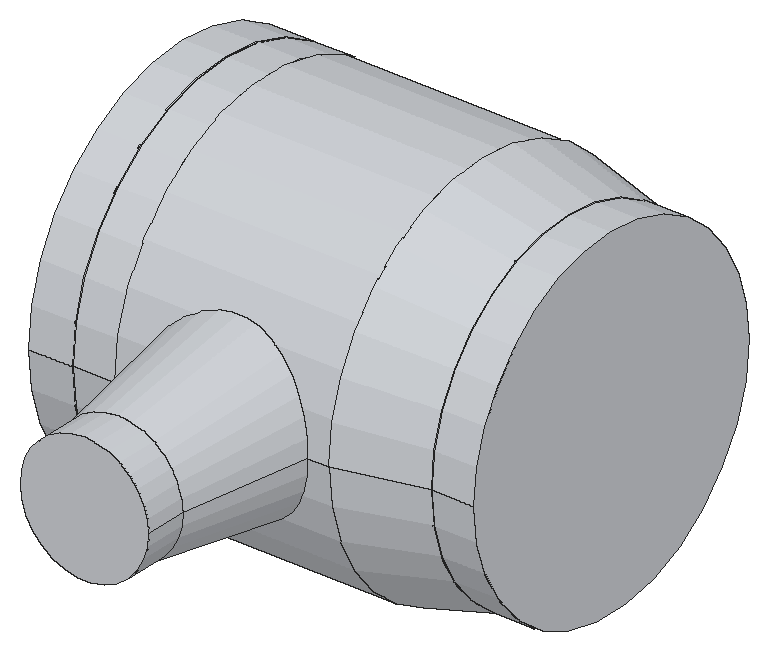
Revit family "4f3aa8f04b85471cb3f9b258b054bf83", category Duct Fittings, Revit 2021
Family settings
  Round Connector Dimension = Use Radius
  Part Type = Tee
  OmniClass Number = 23.75.70.14
  OmniClass Title = Air Ductwork
  Seek Item ID = Round Conical Tee - DTL-0000-USA-ENU
  Work Plane-Based = No
  Always vertical = Yes
  Cut with Voids When Loaded = No
  Shared = No
Parameters (values of type "Standard")
  Tap Inset Label [instance] = 10' 0" + if(Tap Angle 1 < 90.00°, Tap Inset 1, if(Tap Angle 1 = 90.00°, Tap Inset 2, Tap Inset 3))  # 124"
  Tap Inset 3 [instance] = if(Tap Angle 1 > 90.00°, Tap Base Diameter 1 / 2 / sin(180.00° - Tap Angle 1) + Body Radius 1 / tan(180.00° - Tap Angle 1), 0' 0")  # 0"
  Tap Inset 2 [instance] = if(Tap Angle 1 = 90.00°, Tap Base Radius 1, 0' 0")  # 4"
  Length 1 [instance] = if(not(Tap Angle 1 = 90.00°), (tan(Tap Angle 1) * Tap Base Radius 1 + tan(Angle 1) * tan(Tap Angle 1) * Tap Base Radius 1 / tan(Tap Angle 1)) / (tan(Tap Angle 1) - tan(Angle 1)), 0' 0")  # 0"
  Default Elevation = 0' - 0"
  Angle 1 [instance] = if(not(Tap Angle 1 = 90.00°), atan((Tap Base Center Radius - Tap Base Radius 1) / (Body Radius 1 / sin(Tap Angle 1) + Tap Base Radius 1 / tan(Tap Angle 1))), 1.00°)  # 1.00°
  Tap Inset 1 [instance] = if(Tap Angle 1 < 90.00°, (Length 1 * 2 / 2 - (Body Radius 1 / sin(Tap Angle 1) - Length 1 / tan(Tap Angle 1)) / tan(Tap Angle 1)) * sin(Tap Angle 1), 0' 0")  # 0"
  Tap Length 3 [instance] = Body Length 1 + Tap Inset  # 5"
  Tap Inset [instance] = 1"
  Tap Length 2 [instance] = Tap Length 1 + Tap Collar Length  # 17"
  Tap Diameter 3 [instance] = if(Tap Angle 1 > 90.00°, 2 * (((Body Radius 1 * (Tap Base Diameter 1 - Tap Diameter) / sin(180.00° - Tap Angle 1) + (Tap Length + Tap Base Radius 1 / tan(180.00° - Tap Angle 1)) * (Tap Base Diameter 1 - Tap Diameter)) / (2 * (Tap Length + Tap Base Radius 1 / tan(180.00° - Tap Angle 1)) - Tap Base Diameter 1 / tan(180.00° - Tap Angle 1)) + Tap Diameter / 2)), 0' 0")  # 0"
  Tap Diameter 2 [instance] = if(Tap Angle 1 < 90.00°, 2 * (((Body Radius 1 * (Tap Base Diameter 1 - Tap Diameter) / sin(Tap Angle 1) + (Tap Length + Tap Base Radius 1 / tan(Tap Angle 1)) * (Tap Base Diameter 1 - Tap Diameter)) / (2 * (Tap Length + Tap Base Radius 1 / tan(Tap Angle 1)) - Tap Base Diameter 1 / tan(Tap Angle 1)) + Tap Diameter / 2)), 0' 0")  # 0"
  Tap Diameter 1 [instance] = if(Tap Angle 1 = 90.00°, 2 * ((Tap Base Diameter 1 - Tap Diameter) / (2 * Tap Length) * (Body Radius 1 + Tap Length) + Tap Diameter / 2), 0' 0")  # 11"
  Body Radius 1 [instance] = if(Radius In > Radius Out, if(not(Body Radius < Radius In), Body Radius, Radius In), if(not(Body Radius < Radius Out), Body Radius, Radius Out))  # 9"
  Tap Radius [instance] = 3"
  Radius Out [instance] = 8"
  Radius In [instance] = 9"
  Tap Offset From Center 2 [instance] = if(Tap Offset From Center = 0' 0", 0' 0 13/256", 0' 0")  # 13/256"
  Tap Offset From Center 1 [instance] = 10' 0" - Tap Offset From Center  # 120"
  Tap Offset From Center [instance] = 0"
  Body Length 2 [instance] = Collar Out + Length Out 1  # 6"
  Length Out 1 [instance] = if(Length Out = 0' 0", 0' 0 43/256", Length Out)  # 4"
  Body Length 1 [instance] = Collar In + Length In 1  # 4"
  Length In 1 [instance] = if(Length In = 0' 0", 0' 0 1/16", Length In)  # 2"
  Collar Out [instance] = 2"
  Length Out [instance] = 4"
  Collar In [instance] = 2"
  Length In [instance] = 2"
  Tap Length 1 [instance] = Body Radius 1 / sin(Tap Angle 1) + if(Tap Angle 1 < 90.00°, Tap Base Radius 1 / tan(Tap Angle 1), if(Tap Angle 1 = 90.00°, 0' 0", Tap Base Radius 1 / tan(180.00° - Tap Angle 1))) + Tap Length  # 15"
  Tap Length [instance] = 6"
  Length [instance] = 10"
  Tap Diameter [instance] = Tap Radius * 2  # 6"
  Diameter Out [instance] = Radius Out * 2  # 16"
  Diameter In [instance] = Radius In * 2  # 18"
  Tap Collar Length [instance] = 2"
  Tap Base Radius 1 [instance] = if(Tap Base Radius > Tap Radius, Tap Base Radius, Tap Radius + 0' 1")  # 4"
  Body Radius [instance] = 9"
  Body Diameter [instance] = Body Radius * 2  # 18"
  Tap Base Radius [instance] = 4"
  Tap Base Diameter 1 [instance] = Tap Base Radius 1 * 2  # 8"
  Tap Base Diameter [instance] = Tap Base Radius * 2  # 8"
  Tap Base Center Radius [instance] = Tap Base Center Diameter / 2  # 5 1/2"
  Tap Base Center Diameter [instance] = if(Tap Angle 1 < 90.00°, abs(Tap Diameter 2), if(Tap Angle 1 = 90.00°, abs(Tap Diameter 1), abs(Tap Diameter 3)))  # 11"
  Tap Angle 1 [instance] = 90.00°
Reference planes (in)
  plane 1 "Center (Front/Back)": y = 0
  plane 2: z = 0
  plane 3 "Center (Left/Right)": x = 0
  plane 4: x = -5
  plane 5: x = 5
  plane 6: x = -7
  plane 7: x = -9
  plane 8: x = 9
  plane 9: x = 11
  plane 10: z = -120
  plane 11: z = 0
  plane 12: z = -0.05078
  plane 13: x = 0
  plane 14: x = -4
  plane 15: x = -124
  plane 16: x = -6.96094
  plane 17: x = 8.96094
Forms (in)
  Sweep 1, solid, detail levels medium+fine
    path in 3D
      loop
        line (-9, 0, 0) -> (-6.96094, 0, 0)
    profile origin (-7.98047, 0, 0) x (0, 1, 0) y (0, 0, 1)
      loop
        circle (0, 0) r 9
  Sweep 2, solid, detail levels medium+fine
    path in 3D
      loop
        line (-5, 0, 0) -> (5, 0, 0)
    profile origin (0, 0, 0) x (0, 1, 0) y (0, 0, 1)
      loop
        circle (0, 0) r 9
  Sweep 3, solid, detail levels medium+fine
    path in 3D
      loop
        line (8.96094, 0, 0) -> (11, 0, 0)
    profile origin (9.98047, 0, 0) x (0, 1, 0) y (0, 0, 1)
      loop
        circle (0, 0) r 8
  SweptBlend 4, solid, detail levels medium+fine
    path in 3D
      loop
        line (0, 0, 0) -> (0, -15, 0)
    profile origin (0, 0, 0) x (1, 0, 0) y (0, 0, 1)
      loop
        circle (0, 0) r 5.5
    end profile origin (0, -15, 0) x (1, 0, 0) y (0, 0, 1)
      loop
        circle (0, 0) r 3
  Sweep 5, solid, detail levels medium+fine
    path in 3D
      loop
        line (0, 0, 0) -> (0, -17, 0)
    profile origin (0, -8.5, 0) x (1, 0, 0) y (0, 0, 1)
      loop
        circle (0, 0) r 3
  Blend 6, solid, detail levels medium+fine
    base sketch origin (0, 0, 0) x (0, 1, 0) y (0, 0, 1)
      loop
        circle (0, 0) r 9
    top sketch origin (0, 0, 0) x (0, 1, 0) y (0, 0, 1)
      loop
        circle (0, 0) r 9
    from -7 to -5
  Blend 7, solid, detail levels medium+fine
    base sketch origin (0, 0, 0) x (0, 1, 0) y (0, 0, 1)
      loop
        circle (0, 0) r 8
    top sketch origin (0, 0, 0) x (0, 1, 0) y (0, 0, 1)
      loop
        circle (0, 0) r 9
    from 9 to 5
Cuts and joins
  joined: Sweep 2, SweptBlend 4, Sweep 5, Blend 6, Blend 7
Lines and regions (in)
  reference lines
    curve 1: line (-9, 0, 0) -> (-6.96094, 0, 0)
    curve 2: line (8.96094, 0, 0) -> (11, 0, 0)
    curve 3: line (-5, 0, 0) -> (5, 0, 0)
    curve 8: line (0, 0, 0) -> (0, -15, 0)
    curve 10: line (0, 0, 0) -> (0, -17, 0)
  sketch lines
    curve 4: line (-9, 0, 0) -> (-6.96094, 0, 0)
    curve 5: line (-5, 0, 0) -> (5, 0, 0)
    curve 6: line (8.96094, 0, 0) -> (11, 0, 0)
    curve 9: line (0, 0, 0) -> (0, -15, 0)
    curve 11: line (0, 0, 0) -> (0, -17, 0)
  model lines, detail levels coarse
    curve 7: line (0, 0, 0) -> (0, 0, -0.05078)
    curve 12: line (-9, 0, 0) -> (11, 0, 0)
    curve 13: line (0, 0, 0) -> (0, -17, 0)
Dimensions and locks (in)
  "Length": plane 4 to plane 5
  "Length In 1": plane 6 to plane 4
  "Body Length 1": plane 7 to plane 4
  "Length Out 1": plane 5 to plane 8
  "Body Length 2": plane 5 to plane 9
  locked: plane 2 to plane 10 at 120
  "Tap Offset From Center 1": plane 11 to plane 10
  "Tap Offset From Center 2": plane 11 to plane 12
  "Tap Length 1": curve 8 to curve 8
  "Tap Length 3": plane 7 to plane 14
  locked: plane 15 to plane 14 at 120
  "Tap Inset Label": plane 15 to plane 13
  "Tap Length 2": curve 10 to curve 10
  locked: plane 6 to plane 16 at 0.03906
  locked: plane 17 to plane 8 at 0.03906
  "Tap Length 2": curve 13 to curve 13
  locked: plane 13 to plane 3 "Center (Left/Right)"
  "Radius In": radius of Sweep 1 sketch curve
  "Body Radius 1": radius of Sweep 2 sketch curve
  "Radius Out": radius of Sweep 3 sketch curve
  "Tap Base Center Radius": radius of SweptBlend 4 sketch curve
  "Tap Radius": radius of SweptBlend 4 sketch curve
  "Tap Radius": radius of Sweep 5 sketch curve
  "Radius In": radius of Blend 6 sketch curve
  "Body Radius 1": radius of Blend 6 sketch curve
  "Radius Out": radius of Blend 7 sketch curve
  "Body Radius 1": radius of Blend 7 sketch curve
  "Tap Angle 1": angle curve 8 to plane 1 "Center (Front/Back)"
  "Tap Angle 1": angle curve 10 to plane 1 "Center (Front/Back)"
  "Tap Angle 1": angle curve 13 to plane 1 "Center (Front/Back)"
  aligned and locked: plane 7 to curve 1
  aligned and locked: plane 1 "Center (Front/Back)" to curve 1
  aligned and locked: plane 9 to curve 2
  aligned and locked: plane 1 "Center (Front/Back)" to curve 2
  aligned and locked: plane 5 to curve 3
  aligned and locked: plane 1 "Center (Front/Back)" to curve 3
  aligned and locked: plane 2 to curve 7
  aligned and locked: plane 12 to curve 7
  aligned and locked: curve 7 to plane 1 "Center (Front/Back)"
  aligned and locked: plane 1 "Center (Front/Back)" to curve 8
  aligned and locked: plane 13 to curve 10
  aligned and locked: plane 9 to curve 12
  aligned and locked: plane 7 to curve 12
  aligned and locked: plane 1 "Center (Front/Back)" to curve 12
  aligned and locked: plane 1 "Center (Front/Back)" to curve 13
  aligned and locked: plane 13 to curve 13
  aligned and locked: Blend 6 to plane 6
  aligned and locked: plane 4 to Blend 6
  aligned and locked: Blend 7 to plane 8
  aligned and locked: Blend 7 to plane 5
  aligned and locked: plane 16 to curve 1
Automatic sketch dimensions
  curve 3 to plane 4 = 0' - 0"
  curve 2 to plane 17 = 0' - 0"
  Sweep 1 sketch curve to profile plane = 0' - 0"  (x2)
  Sweep 2 sketch curve to profile plane = 0' - 0"  (x2)
  Sweep 3 sketch curve to profile plane = 0' - 0"  (x2)
  profile plane to SweptBlend 4 sketch curve = 0' - 0"  (x2)
  SweptBlend 4 sketch curve to profile plane = 0' - 0"  (x2)
  profile plane to Sweep 5 sketch curve = 0' - 0"
  Sweep 5 sketch curve to profile plane = 0' - 0"
  Blend 6 sketch curve to level = 0' - 0"  (x2)
  Blend 6 sketch curve to plane 1 "Center (Front/Back)" = 0' - 0"  (x2)
  Blend 7 sketch curve to level = 0' - 0"  (x2)
  Blend 7 sketch curve to plane 1 "Center (Front/Back)" = 0' - 0"  (x2)
Connectors (in)
  hvac at (-9, 0, 0), driven by "Radius In"
    settings: on Sweep 1, index 1, duct flow 0 CFM, flow factor 0, pres drop 0.00 in-wg, loss coef 0, conn angle 0.00°, conn width 12", conn height 12", conn diameter 18", duct sys type 28, conn prof type 0, flow config 0, flow direction 0, loss method 0, conn ref index 2, conn util no, is conn primary yes, conn desc ""
  hvac at (11, 0, 0), driven by "Radius Out"
    settings: on Sweep 3, index 2, duct flow 0 CFM, flow factor 0, pres drop 0.00 in-wg, loss coef 0, conn angle 0.00°, conn width 12", conn height 12", conn diameter 16", duct sys type 28, conn prof type 0, flow config 0, flow direction 0, loss method 0, conn ref index 1, conn util no, is conn primary no, conn desc ""
  hvac at (0, -17, 0), driven by "Tap Radius", driven by "Tap Angle 1"
    settings: on Sweep 5, index 3, duct flow 0 CFM, flow factor 0, pres drop 0.00 in-wg, loss coef 0, conn angle 90.00°, conn width 12", conn height 12", conn diameter 6", duct sys type 28, conn prof type 0, flow config 0, flow direction 0, loss method 0, conn ref index -1, conn util no, is conn primary no, conn desc ""
